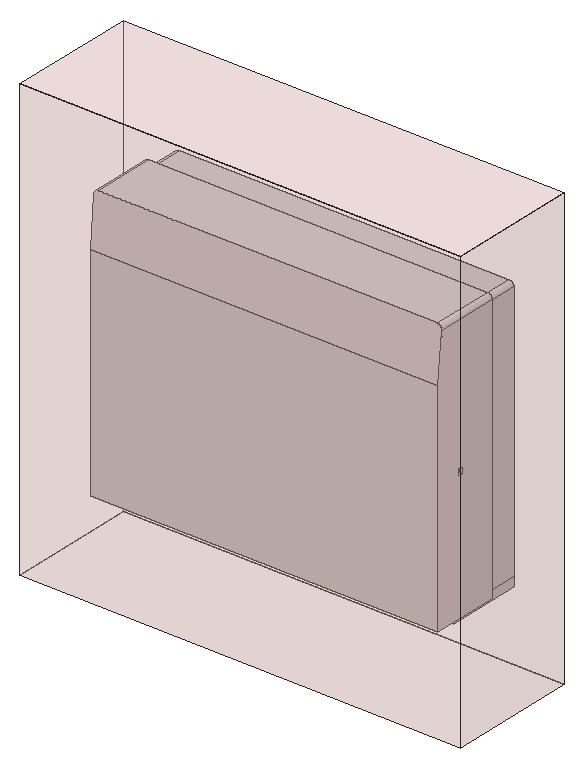
Revit family "MFZ-KT25VG-E1(ET1)", category Mechanical Equipment, Revit 2016
Family settings
  Part Type = Normal
  Round Connector Dimension = Use Radius
  OmniClass Number = 23.75.00.00
  OmniClass Title = Climate Control (HVAC)
  Work Plane-Based = No
  Always vertical = Yes
  Cut with Voids When Loaded = No
  Shared = No
  Room Calculation Point = No
Parameters (values of type "MFZ-KT25VG-E1 (ET1)")
  Width (mm) = 750.000 mm
  Model = "MFZ-KT25VG"
  Voltage = 230 V
  Unit Weight (kg) = 14.5
  URL = "http://www.mitsubishielectric.com/"
  Subcategory = "HVAC"
  Space View = yes
  Remote Controller Model = "SG191"
  Phase = 1
  Manufacturer = "Mitsubishi Electric Corporation"
  Liquid pipe_radius (mm) = 3.175 mm
  Hertz = 50 Hz
  Height (mm) = 600.000 mm
  Heating Sound Level 2_Super Hgh (db(A)) = 44
  Heating Sound Level 2_Silent (dB(A)) = 24
  Heating Sound Level 2_Med. (db(A)) = 34
  Heating Sound Level 2_Low (db(A)) = 28
  Heating Sound Level 2_Hgh (db(A)) = 39
  Heating Sound Level 1_Super Hgh (db(A)) = 44
  Heating Sound Level 1_Silent (dB(A)) = 19
  Heating Sound Level 1_Med. (db(A)) = 30
  Heating Sound Level 1_Low (db(A)) = 23
  Heating Sound Level 1_Hgh (db(A)) = 37
  Heating Running Current (A) = 0.2
  Heating Power Input (W) = 24 W
  Heating Fan Speed 2_Super High (rpm) = 1080
  Heating Fan Speed 2_Silent (rpm) = 550
  Heating Fan Speed 2_Med. (rpm) = 750
  Heating Fan Speed 2_Low (rpm) = 620
  Heating Fan Speed 2_High (rpm) = 900
  Heating Fan Speed 1_Super High (rpm) = 1080
  Heating Fan Speed 1_Silent (rpm) = 480
  Heating Fan Speed 1_Med. (rpm) = 690
  Heating Fan Speed 1_Low (rpm) = 530
  Heating Fan Speed 1_High (rpm) = 850
  Heating Fan Motor Current (A) = 0.17
  Heating Air Flow 2_Super High (m3/h) = 582
  Heating Air Flow 2_Silent (m3/h) = 252
  Heating Air Flow 2_Med. (m3/h) = 378
  Heating Air Flow 2_Low (m3/h) = 294
  Heating Air Flow 2_High (m3/h) = 468
  Heating Air Flow 1_Super High (m3/h) = 582
  Heating Air Flow 1_Silent (m3/h) = 210
  Heating Air Flow 1_Med. (m3/h) = 336
  Heating Air Flow 1_Low (m3/h) = 240
  Heating Air Flow 1_High (m3/h) = 438
  Gas pipe_radius (mm) = 4.760 mm
  Fan Speed Regulator = "5"
  Fan Motor Model = "RC0J30-Q#"
  Drain pipe_radius (mm) = 8.000 mm
  Depth (mm) = 215.000 mm
  Cooling Sound Level 2_Super High (db(A)) = 43
  Cooling Sound Level 2_Silent (db(A)) = 23
  Cooling Sound Level 2_Med. (db(A)) = 33
  Cooling Sound Level 2_Low (db(A)) = 28
  Cooling Sound Level 2_High (db(A)) = 38
  Cooling Sound Level 1_Super High (db(A)) = 41
  Cooling Sound Level 1_Silent (db(A)) = 19
  Cooling Sound Level 1_Med. (db(A)) = 31
  Cooling Sound Level 1_Low (db(A)) = 24
  Cooling Sound Level 1_High (db(A)) = 37
  Cooling Running Current (A) = 0.17
  Cooling Power Input (W) = 20 W
  Cooling Fan Speed 2_Super High (rpm) = 1010
  Cooling Fan Speed 2_Silent (rpm) = 550
  Cooling Fan Speed 2_Med. (rpm) = 770
  Cooling Fan Speed 2_Low (rpm) = 610
  Cooling Fan Speed 2_High (rpm) = 900
  Cooling Fan Speed 1_Super High (rpm) = 1000
  Cooling Fan Speed 1_Silent (rpm) = 520
  Cooling Fan Speed 1_Med. (rpm) = 770
  Cooling Fan Speed 1_Low (rpm) = 610
  Cooling Fan Speed 1_High (rpm) = 900
  Cooling Fan Motor Current (A) = 0.14
  Cooling Air Flow 2_Super High (m3/h) = 540
  Cooling Air Flow 2_Silent (m3/h) = 252
  Cooling Air Flow 2_Med. (m3/h) = 390
  Cooling Air Flow 2_Low (m3/h) = 288
  Cooling Air Flow 2_High (m3/h) = 468
  Cooling Air Flow 1_Super High (m3/h) = 534
  Cooling Air Flow 1_Silent (m3/h) = 234
  Cooling Air Flow 1_Med. (m3/h) = 390
  Cooling Air Flow 1_Low (m3/h) = 288
  Cooling Air Flow 1_High (m3/h) = 468
  Air Direction = "4"
Reference planes
  plane 1 "Center (Front/Back)": y = 0
  plane 2 "Outline_Base": z = 0
  plane 3 "Center (Left/Right)": x = 0
  plane 4 "Outline_TOP": z = 600
  plane 5: z = 11
  plane 6 "Outline_Back": y = 107.5
  plane 7 "Outline_Front": y = -107.5
  plane 8 "_": y = 37.5
  plane 9 "Outline_L": x = -375
  plane 10 "Outline_R": x = 375
  plane 11: y = -52.5
  plane 12: x = -328
  plane 13: x = 328
  plane 14 "Liquid_pipe": z = 165
  plane 15 "Gas_pipe": z = 205
  plane 16 "Gas_pipe_2": y = -23.5
  plane 17 "Under": z = -150
  plane 18 "Outline_R2": x = 365
  plane 19 "Outline_L2": x = -365
  plane 20: z = 303
  plane 21: z = 288
  plane 22: y = -40.5
  plane 23: y = -55.5
  plane 24 "Liquid_pipe_2": y = -45.5
  plane 25: z = 20
  plane 26: z = 590
  plane 27: y = 3.5
  plane 28: x = 290
  plane 29 "Drain": z = 127
  plane 30: z = 30
  plane 31: z = 90
  plane 32: y = 47.5
Forms (mm)
  Extrusion 1, solid, material "Paint_6.4Y 8.9/0.4"
    sketch origin (0, 0, 0) x (1, 0, 0) y (0, 0, 1)
      loop
        arc (-365, 600) -> (-372.071, 597.071) -> (-375, 590) r 10
        line (-375, 590) -> (-375, 11) -> (375, 11) -> (375, 590)
        arc (375, 590) -> (372.071, 597.071) -> (365, 600) r 10
        line (365, 600) -> (-365, 600)
    from -37.5 to 107.5
  Extrusion 2, solid, material "Paint_6.4Y 8.9/0.4"
    sketch origin (0, 0, 0) x (1, 0, 0) y (0, 0, 1)
      loop
        arc (-355, 589.969) -> (-362.071, 587.04) -> (-365, 579.969) r 10
        line (-365, 579.969) -> (-365, 20) -> (365, 20) -> (365, 579.969)
        arc (365, 579.969) -> (362.071, 587.04) -> (355, 589.969) r 10
        line (355, 589.969) -> (-355, 589.969)
    from -107.5 to -37.5
  Extrusion 3, void
    sketch origin (0, 0, 0) x (0, 1, 0) y (0, 0, 1)
      loop
        line (-97.546, 600) -> (-107.5, 600) -> (-107.5, 486.221) -> (-97.546, 600)
    from -590.472 to 630.587
  Extrusion 4, solid, material "Copper"
    sketch origin (0, 0, 0) x (1, 0, 0) y (0, 1, 0)
      loop
        circle (340, -23.5) r 4.8
    from 205 to 300
  Extrusion 5, solid, material "Copper"
    sketch origin (-30, 0, 0) x (1, 0, 0) y (0, 1, 0)
      loop
        circle (360, -45.5) r 3.2
    from 165 to 260
  Extrusion 6, solid, material "Service space", visible <- "Space View"
    sketch origin (-20, 0, 0) x (1, 0, 0) y (0, 1, 0)
      loop
        line (-455, 107.5) -> (-455, -171.923) -> (495, -171.923) -> (495, 107.5) -> (-455, 107.5)
    from -150 to 800
  Extrusion 7, void
    sketch origin (375, 0, 0) x (0, 1, 0) y (0, 0, 1)
      loop
        line (-55.5, 303) -> (-55.5, 288) -> (-40.5, 288) -> (-40.5, 303) -> (-55.5, 303)
    from -10 to 0
  Extrusion 8, solid, material "Paint_6.4Y 8.9/0.4"
    sketch origin (0, 0, 0) x (0, 1, 0) y (0, 0, 1)
      loop
        line (-52.5, 0) -> (107.5, 0) -> (107.5, 20) -> (37.5, 20) -> (37.5, 11) -> (-52.5, 11) -> (-52.5, 0)
    from -365 to 365
  Extrusion 9, solid
    sketch origin (0, 0, 127) x (0, -1, 0) y (1, 0, 0)
      loop
        circle (-3.5, 290) r 8
    from 0 to 120
Cuts and joins
  Extrusion 3, Extrusion 7 cuts Extrusion 1
  Extrusion 7 cuts Extrusion 6
Lines and regions (mm)
  model lines
    curve 1: line (-318, -97.546, 600) -> (-318, -105.757, 506.145)
    curve 2: line (318, -97.546, 600) -> (318, -105.757, 506.145)
    curve 3: line (-318, -105.757, 506.145) -> (318, -105.757, 506.145)
    curve 4: line (-328, -83.012, 600) -> (-328, 11.988, 600)
    curve 5: line (-328, 11.988, 600) -> (328, 11.988, 600)
    curve 6: line (328, 11.988, 600) -> (328, -83.012, 600)
    curve 7: line (-375, -107.5, 486.221) -> (375, -107.5, 486.221)
    curve 8: line (-328, -107.5, 188.545) -> (328, -107.5, 188.545)
    curve 9: line (-328, -107.5, 28.5) -> (-328, -107.5, 188.545)
    curve 10: line (328, -107.5, 28.5) -> (-328, -107.5, 28.5)
    curve 11: line (328, -107.5, 188.545) -> (328, -107.5, 28.5)
    curve 12: line (-328, -107.5, 168.545) -> (328, -107.5, 168.545)
    curve 13: line (-328, -107.5, 158.545) -> (328, -107.5, 158.545)
    curve 14: line (-328, -107.5, 178.545) -> (328, -107.5, 178.545)
    curve 15: line (-328, -107.5, 148.545) -> (328, -107.5, 148.545)
    curve 16: line (-328, -107.5, 138.545) -> (328, -107.5, 138.545)
    curve 17: line (-328, -107.5, 128.545) -> (328, -107.5, 128.545)
    curve 18: line (-328, -107.5, 118.545) -> (328, -107.5, 118.545)
    curve 19: line (-328, -107.5, 108.545) -> (328, -107.5, 108.545)
    curve 20: line (-328, -107.5, 98.545) -> (328, -107.5, 98.545)
    curve 21: line (-328, -107.5, 88.545) -> (328, -107.5, 88.545)
    curve 22: line (-328, -107.5, 78.545) -> (328, -107.5, 78.545)
    curve 23: line (-328, -107.5, 68.545) -> (328, -107.5, 68.545)
    curve 24: line (-328, -107.5, 58.545) -> (328, -107.5, 58.545)
    curve 25: line (-328, -107.5, 48.545) -> (328, -107.5, 48.545)
    curve 26: line (-328, -107.5, 38.545) -> (328, -107.5, 38.545)
    curve 27: line (-328, -107.5, 439.565) -> (328, -107.5, 439.565)
    curve 28: line (-328, -107.5, 429.565) -> (-328, -107.5, 439.565)
    curve 29: line (328, -107.5, 429.565) -> (-328, -107.5, 429.565)
    curve 30: line (328, -107.5, 439.565) -> (328, -107.5, 429.565)
    curve 33: line (365, 95.5, 0) -> (365, 95.5, 125)
    curve 34: line (365, 95.5, 125) -> (365, 107.5, 125)
    curve 35: line (365, 95.5, 90) -> (365, 67.5, 90)
    curve 36: line (365, 47.5, 70) -> (365, 47.5, 50)
    curve 37: line (365, 67.5, 30) -> (365, 95.5, 30)
    curve 38: arc (365, 67.5, 90) -> (365, 53.358, 84.142) -> (365, 47.5, 70) r 20
    curve 39: arc (365, 67.5, 30) -> (365, 53.358, 35.858) -> (365, 47.5, 50) r 20
    curve 40: line (-365, 95.5, 0) -> (-365, 95.5, 125)
    curve 41: line (-365, 95.5, 125) -> (-365, 107.5, 125)
    curve 42: line (-365, 95.5, 90) -> (-365, 67.5, 90)
    curve 43: line (-365, 47.5, 70) -> (-365, 47.5, 50)
    curve 44: line (-365, 67.5, 30) -> (-365, 95.5, 30)
    curve 45: arc (-365, 67.5, 90) -> (-365, 53.358, 84.142) -> (-365, 47.5, 70) r 20
    curve 46: arc (-365, 47.5, 50) -> (-365, 53.358, 35.858) -> (-365, 67.5, 30) r 20
    curve 47: line (218, 107.5, 589.969) -> (218, 107.5, 520)
    curve 48: line (218, 107.5, 520) -> (-245, 107.5, 520)
    curve 49: line (-245, 107.5, 520) -> (-245, 107.5, 589.969)
  reference lines
    curve 31: line (340, -18.74, 0) -> (340, -28.26, 0)
    curve 32: line (330, -48.675, 0) -> (330, -42.325, 0)
Dimensions and locks
  plane 13 to plane 12 = 656.000 mm
  plane 10 "Outline_R" to plane 13 = 47.000 mm
  plane 12 to plane 9 "Outline_L" = 47.000 mm
  plane 10 "Outline_R" to plane 9 "Outline_L" = 750.000 mm
  plane 4 "Outline_TOP" to level = 600.000 mm
  plane 7 "Outline_Front" to plane 6 "Outline_Back" = 215.000 mm
  plane 8 "_" to plane 6 "Outline_Back" = 70.000 mm
  level to plane 17 "Under" = 150.000 mm
  plane 9 "Outline_L" to Extrusion 6 = 100.000 mm
  Extrusion 6 to plane 10 "Outline_R" = 100.000 mm
  plane 19 "Outline_L2" to plane 18 "Outline_R2" = 730.000 mm
  plane 14 "Liquid_pipe" to level = 165.000 mm
  plane 15 "Gas_pipe" to level = 205.000 mm
  plane 20 to level = 303.000 mm
  plane 20 to cut or joined group of Extrusion 6, Extrusion 7 = 15.000 mm
  plane 16 "Gas_pipe_2" to plane 6 "Outline_Back" = 131.000 mm
  plane 24 "Liquid_pipe_2" to plane 6 "Outline_Back" = 153.000 mm
  plane 22 to plane 6 "Outline_Back" = 148.000 mm
  plane 23 to plane 22 = 15.000 mm
  plane 26 to plane 25 = 570.000 mm
  locked: plane 27 to plane 6 "Outline_Back" at 104
  plane 29 "Drain" to level = 127.000 mm
  curve 31 to plane 10 "Outline_R" = 35.000 mm
  curve 32 to plane 10 "Outline_R" = 45.000 mm
  plane 28 to plane 10 "Outline_R" = 85.000 mm
  plane 30 to level = 30.000 mm
  plane 31 to plane 30 = 60.000 mm
  curve 34 to plane 2 "Outline_Base" = 125.000 mm
  curve 33 to plane 6 "Outline_Back" = 12.000 mm
  plane 32 to plane 6 "Outline_Back" = 60.000 mm
  radius of Extrusion 4 sketch curve = 4.800 mm
  radius of Extrusion 5 sketch curve = 3.200 mm
  aligned and locked: level to plane 2 "Outline_Base"
Connectors
  electrical at (0, 0, 252.545), driven by "Phase", driven by "Voltage"
    settings: index 1, voltage 230 V, apparent load 0 VA, apparent load phase1 0 VA, apparent load phase2 0 VA, apparent load phase3 0 VA, power factor 1, load classification "HVAC", number of poles 1, system type 30, power factor state 1, is connector primary yes, connector utility no, sub classification motor no, connector description ""
  piping at (340, -23.5, 205), diameter 9.52, driven by "Gas pipe_radius (mm)"
    settings: on Extrusion 4, index 3, connector inside diameter 9.6 mm, connector length 0.000 mm, flow factor 0, pipe flow 0.0 L/s, pressure drop 0.0 Pa, fitting loss kfactor 0, connector angle 0.00°, fixture units 0, engagement length 0.000 mm, angle of deflection 0.00°, flow configuration 0, flow direction 0, fitting loss method 0, system type 22, joint type 0, gender type 0, connector reference index -1, connector utility 0, adjustable connector no, is connector primary yes, connector description "Gas pipe"
  piping at (330, -45.5, 165), diameter 6.35, driven by "Liquid pipe_radius (mm)"
    settings: on Extrusion 5, index 4, connector inside diameter 6.4 mm, connector length 0.000 mm, flow factor 0, pipe flow 0.0 L/s, pressure drop 0.0 Pa, fitting loss kfactor 0, connector angle 0.00°, fixture units 0, engagement length 0.000 mm, angle of deflection 0.00°, flow configuration 0, flow direction 0, fitting loss method 0, system type 22, joint type 0, gender type 0, connector reference index -1, connector utility 0, adjustable connector no, is connector primary no, connector description "Liquid pipe"
  piping at (290, 3.5, 127), diameter 16, driven by "Drain pipe_radius (mm)"
    settings: on Extrusion 9, index 5, connector inside diameter 609.6 mm, connector length 0.000 mm, flow factor 0, pipe flow 0.0 L/s, pressure drop 0.0 Pa, fitting loss kfactor 0, connector angle 0.00°, fixture units 0, engagement length 0.000 mm, angle of deflection 0.00°, flow configuration 0, flow direction 0, fitting loss method 0, system type 22, joint type 0, gender type 0, connector reference index -1, connector utility 0, adjustable connector no, is connector primary no, connector description "Drain"
